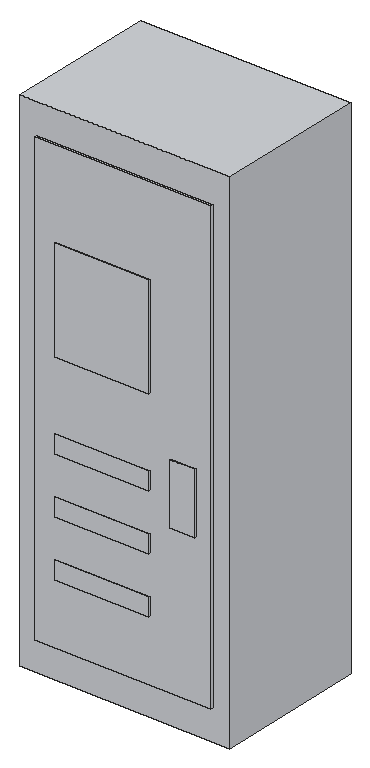
Revit family "GIS_AuxiliaryPanelAC", category Equipamento elétrico, Revit 2027
Family settings
  Configuração do painel = Duas colunas, circuitos transversais
  Cota do conector redondo = Utilizar diâmetro
  Tipo de parte = Painel de controle
  Com base no plano de trabalho = Não
  Sempre na vertical = Sim
  Corte com vazios quando carregada = Não
  Manter orientação da anotação = Não
  Compartilhado = Não
  Ponto de cálculo do ambiente = Não
Parameters (values of type "AUX_PANEL_380VAC_STUDY")
  Default Elevation = 0 mm
  built-in parameter 1140142 [instance] = (empty or 0)
  built-in parameter 1140140 [instance] = 1 (stored number, unit not read)
  BIM_TensaoSecundaria_kV = 0
  BIM_TensaoNominal_kV = 0.38
  BIM_TensaoClasse_kV = 0.38
  BIM_TensaoClasseSecundaria_kV = 0
  BIM_TensaoAuxiliarCA_kV = 0
  BIM_Sistema_Elemento [instance] = ""
  BIM_ReferenciaCatalogo = "Portfolio study assumption: 380 V AC; utility and load schedule pending"
  BIM_Profundidade = 650 mm
  BIM_Potencia_MVA = 0
  BIM_Localizacao [instance] = ""
  BIM_Largura = 900 mm
  BIM_Impedancia_pu = 0
  BIM_FonteGeometria = "Portfolio study assumption: 380 V AC; utility and load schedule pending"
  BIM_Fabricante = "NAO SELECIONADO"
  BIM_EstadoGeometria = "ESTIMATED"
  BIM_EstadoEspecificacao = "PREMISSA / NAO SELECIONADO"
  BIM_DescricaoEstudo = "Quadro de servicos auxiliares CA conceitual; 380 V e premissa nao aprovada."
  BIM_CorrenteReferenciaSecundaria_A = 0
  BIM_CorrenteNominal_A = 0
  BIM_Bay [instance] = ""
  BIM_AlturaCorpoPrincipal = 2200 mm
  BIM_Altura = 2200 mm
  built-in parameter 1155100 [instance] = (empty or 0)
Reference planes
  plane 1 "Centro (Frente/Trás)": y = 0
  plane 2: z = 0
  plane 3 "Centro (Esquerda/Direita)": x = 0
  plane 4 "BIM Left": x = -450
  plane 5 "BIM Right": x = 450
  plane 6 "BIM Front": y = -325
  plane 7 "BIM Back": y = 325
Forms (mm)
  Extrusion 1, solid
    sketch origin (0, 0, 0) x (1, 0, 0) y (0, 1, 0)
      loop
        line (-450, -325) -> (450, -325) -> (450, 325) -> (-450, 325) -> (-450, -325)
    from 0 to 2200 <- "BIM_AlturaCorpoPrincipal"
  Extrusion 2, solid
    sketch origin (0, 0, 132) x (1, 0, 0) y (0, 1, 0)
      loop
        line (-378, -337.192) -> (378, -337.192) -> (378, -325) -> (-378, -325) -> (-378, -337.192)
    from 0 to 1936
  Extrusion 3, solid
    sketch origin (0, 0, 1254) x (1, 0, 0) y (0, 1, 0)
      loop
        line (-288, -343.288) -> (117, -343.288) -> (117, -325) -> (-288, -325) -> (-288, -343.288)
    from 0 to 440
  Extrusion 4, solid
    sketch origin (0, 0, 396) x (1, 0, 0) y (0, 1, 0)
      loop
        line (-288, -341.764) -> (117, -341.764) -> (117, -325) -> (-288, -325) -> (-288, -341.764)
    from 0 to 77
  Extrusion 5, solid
    sketch origin (0, 0, 638) x (1, 0, 0) y (0, 1, 0)
      loop
        line (-288, -341.764) -> (117, -341.764) -> (117, -325) -> (-288, -325) -> (-288, -341.764)
    from 0 to 77
  Extrusion 6, solid
    sketch origin (0, 0, 880) x (1, 0, 0) y (0, 1, 0)
      loop
        line (-288, -341.764) -> (117, -341.764) -> (117, -325) -> (-288, -325) -> (-288, -341.764)
    from 0 to 77
  Extrusion 7, solid
    sketch origin (0, 0, 770) x (1, 0, 0) y (0, 1, 0)
      loop
        line (207, -341.764) -> (315, -341.764) -> (315, -325) -> (207, -325) -> (207, -341.764)
    from 0 to 264
Dimensions and locks
  "BIM_Largura": plane 4 "BIM Left" to plane 5 "BIM Right"
  "BIM_Profundidade": plane 6 "BIM Front" to plane 7 "BIM Back"
  aligned and locked: level to plane 2
  aligned and locked: plane 4 "BIM Left" to Extrusion 1
  aligned and locked: Extrusion 1 to plane 5 "BIM Right"
  aligned and locked: Extrusion 1 to plane 6 "BIM Front"
  aligned and locked: plane 7 "BIM Back" to Extrusion 1
Automatic sketch dimensions
  Extrusion 1 sketch curve to plane 4 "BIM Left" = 0 mm
  Extrusion 1 sketch curve to plane 5 "BIM Right" = 0 mm
  Extrusion 1 sketch curve to plane 6 "BIM Front" = 0 mm
  Extrusion 1 sketch curve to plane 7 "BIM Back" = 0 mm
  Extrusion 2 sketch curve to plane 6 "BIM Front" = 0 mm
  Extrusion 2 sketch curve to plane 6 "BIM Front" = 12.192 mm
  Extrusion 2 sketch curve to plane 4 "BIM Left" = 72 mm
  plane 5 "BIM Right" to Extrusion 2 sketch curve = 72 mm
  Extrusion 3 sketch curve to plane 6 "BIM Front" = 0 mm
  Extrusion 3 sketch curve to plane 6 "BIM Front" = 18.288 mm
  Extrusion 3 sketch curve to plane 4 "BIM Left" = 162 mm
  plane 3 "Centro (Esquerda/Direita)" to Extrusion 3 sketch curve = 117 mm
  Extrusion 4 sketch curve to plane 6 "BIM Front" = 0 mm
  Extrusion 4 sketch curve to plane 6 "BIM Front" = 16.764 mm
  Extrusion 4 sketch curve to plane 4 "BIM Left" = 162 mm
  plane 3 "Centro (Esquerda/Direita)" to Extrusion 4 sketch curve = 117 mm
  Extrusion 5 sketch curve to plane 6 "BIM Front" = 0 mm
  Extrusion 5 sketch curve to plane 6 "BIM Front" = 16.764 mm
  Extrusion 5 sketch curve to plane 4 "BIM Left" = 162 mm
  plane 3 "Centro (Esquerda/Direita)" to Extrusion 5 sketch curve = 117 mm
  Extrusion 6 sketch curve to plane 6 "BIM Front" = 0 mm
  Extrusion 6 sketch curve to plane 6 "BIM Front" = 16.764 mm
  Extrusion 6 sketch curve to plane 4 "BIM Left" = 162 mm
  plane 3 "Centro (Esquerda/Direita)" to Extrusion 6 sketch curve = 117 mm
  Extrusion 7 sketch curve to plane 6 "BIM Front" = 0 mm
  Extrusion 7 sketch curve to plane 6 "BIM Front" = 16.764 mm
  plane 3 "Centro (Esquerda/Direita)" to Extrusion 7 sketch curve = 207 mm
  Extrusion 7 sketch curve to Extrusion 7 sketch curve = 108 mm
Connectors
  electrical at (-450, 0, 1100)
    settings: on Extrusion 1, index 1, voltage 380 V, apparent load 0 VA, apparent load phase1 0 VA, apparent load phase2 0 VA, apparent load phase3 0 VA, power factor 1, load classification "Outro", number of poles 3, system type 6, power factor state 1, is connector primary yes, connector utility no, sub classification motor no, connector description "Porta de entrada CA do sistema auxiliar QAC-01 a UPS-01; sistema logico; sem fio fisico 3D."
